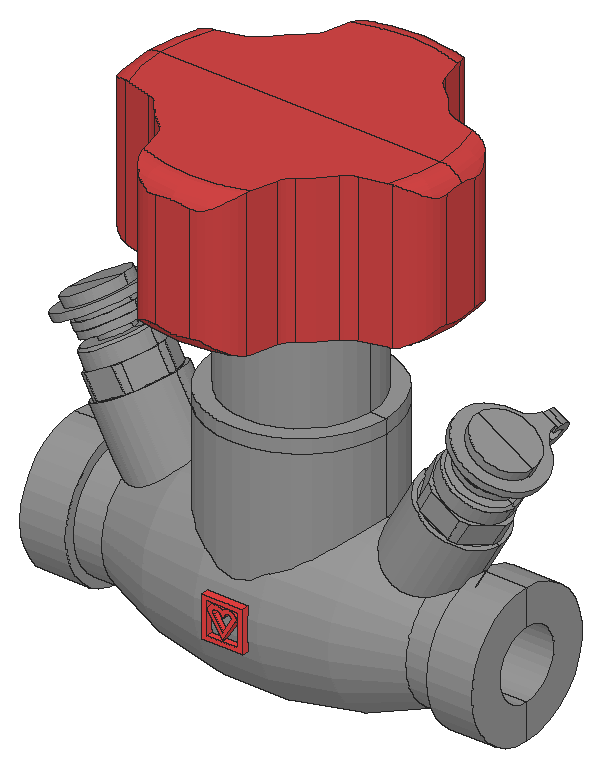
Revit family "HERZ Strömax клапан балансировочный с измерительными клапанами 4217 GM (LF-MF)", category Rohrzubehör, Revit 2020
Family settings
  Bemaßung runder Anschluss = Durchmesser verwenden
  Teiletyp = Unterbricht
  OmniClass-Nummer = 23.65.55.14
  OmniClass-Titel = Valves for Liquid Services
  Arbeitsebenenbasiert = Nein
  Immer vertikal = Ja
  Beim Laden mit Abzugskörper schneiden = Nein
  Gemeinsam genutzt = Nein
Parameters (values of type "LF")
  Среда = "Качество теплоносителя в соответствии с ÖNORM H5195 и VDI 2035.\r\nДопускается использование этилен- и пропиленгликоля в соотношении 25-50% с водой."
  Положение клапана при монтаже = "Неподнимающийся шпиндель, расположенный перпендикулярно оси клапана, обеспечивает доступность и лёгкость в обслуживании в любом монтажном положении."
  Область применения = "Балансировочные клапаны применяются для гидравлической балансировки систем отопления и охлаждения, регулировки магистральных трубопроводов, стояков, теплообменников, регистров отопления и охлаждения."
  Номер заказа [instance] = if(and(LF, Nennweite = 15.00 mm), 1421730, if(and(MF, Nennweite = 15.00 mm), 1421731, 0))  # 1421730
  Макс. рабочее давление = 1600000.0 Pa  # constant formula
  Макс. рабочая температура (с DN40) = 110 °C  # constant formula
  Макс. рабочая температура (до DN32) = 130 °C  # constant formula
  Корпус = "латунь, устойчивая к селективной цинковой коррозии"  # constant formula
  Исполнение = "STRÖMAX-GM Балансировочный клапан с измерительными клапанами, 1/2′′ – 3′′.\r\nИсполнение с прямым невыдвижным шпинделем, муфта х муфта, латунный корпус без покрытия, уплотнение шпинделя двойным кольцевым уплотнением O-Ring, преднастройка посредством ограничения хода внутреннего шпинделя, цифровые показания степени настройки отображаются в окне маховика.\r\nДва измерительных клапана расположены рядом с маховиком."
  Измерение перепада давления = "Клапаны STRÖMAX-GM оснащен двумя измерительными клапанами:\r\nс помощью измерительного прибора можно измерить перепад давления и по нему определить текущий расход в зависимости от степени преднастройки.\r\nHERZ Измерительный компьютер (1 8900 05) позволяет напрямую считывать расход (см. руководство к измерительным приборам)."
  kvs-значения [instance] = if(and(LF, Nennweite = 15.00 mm), 0.93, if(and(MF, Nennweite = 15.00 mm), 3.49, 0))  # 0.93
  W02 = 60.00°  # constant formula
  W01 = 30.00°  # constant formula
  Vorgabe-Ansicht = 0.00 mm
  URL = "www.herz-armaturen.ru"
  SC_NennweiteBerechnet = 0
  SC_Dimension = ""
  SCRNSEQ = "ARM;ARM_TYP=\"STRV\";2"
  SCRNCODE = "05;07;02"  # constant formula
  S02 = 60.00 mm  # constant formula
  S01 [instance] = H00 + H01  # 68.20 mm
  R01 [instance] = 21.00 mm  # constant formula
  Nennweite [instance] = 15.00 mm
  ML02 [instance] = 30.20 mm  # constant formula
  ML01 [instance] = 20.67 mm  # constant formula
  MF [instance] = no
  MD01 = 9.50 mm  # constant formula
  LF [instance] = yes
  L02 [instance] = 10.00 mm  # constant formula
  L01 [instance] = 16.30 mm  # constant formula
  L00 [instance] = 100.00 mm  # constant formula
  IG [instance] = Nennweite / 2  # 7.50 mm
  Hersteller = "HERZ Armaturen Ges.m.b.H."  # constant formula
  H04 [instance] = 2.50 mm  # constant formula
  H03 = 10.00 mm  # constant formula
  H02 [instance] = 3.00 mm  # constant formula
  H01 [instance] = 33.30 mm  # constant formula
  H00 [instance] = 34.90 mm  # constant formula
  Вес [instance] = if(and(LF, Nennweite = 15.00 mm), "0.86 kg", if(and(MF, Nennweite = 15.00 mm), "0.89 kg", "0 kg"))  # "0.86 kg"
  GT [instance] = 15.00 mm  # constant formula
  DN50-DN80 [instance] = H00 + H01  # 68.20 mm
  DN15-DN40 [instance] = H00 + H01  # 68.20 mm
  DN15 [instance] = Nennweite = 15.00 mm  # yes
  D06 [instance] = 15.40 mm  # constant formula
  D05 [instance] = 13.15 mm  # constant formula
  D04 = 9.00 mm  # constant formula
  D03 [instance] = 19.00 mm  # constant formula
  D02 [instance] = 15.25 mm  # constant formula
  D01 [instance] = 13.20 mm  # constant formula
Types (3, lengths in mm): name | Номер заказа | kvs-значения | MF | LF | Вес
  (no name) | 1421730 | 0.93 | no | yes | "0.86 kg"
  LF | 1421730 | 0.93 | no | yes | "0.86 kg"
  MF | 1421731 | 3.49 | yes | no | "0.89 kg"
Reference planes
  plane 1 "Mitte (Vorne/hinten)": y = 0
  plane 2: z = 0
  plane 3 "Mitte (Links/rechts)": x = 0
Forms (mm)
  Revolve 1, solid, material "Messing, weicher Gelbton, geschweißt", detail levels fine
    sketch origin (0, 0, 0) x (1, 0, 0) y (0, 0, 1)
      loop
        line (-50, 15.25) -> (-50, 7.5) -> (-35, 7.5) -> (-35, 0) -> (35, 0) -> (35, 7.5) -> (50, 7.5) -> (50, 15.25) -> (40, 15.25) -> (40, 13.2) -> (33.7, 13.2)
        arc (33.7, 13.2) -> (0, 21) -> (-33.7, 13.2) r 76.701
        line (-33.7, 13.2) -> (-40, 13.2) -> (-40, 15.25) -> (-50, 15.25)
      axis (-50, 0) -> (50, 0)
    angle from 0 to 360
  Revolve 2, solid, material "Messing, weicher Gelbton, geschweißt", detail levels fine
    sketch origin (0, 0, 0) x (1, 0, 0) y (0, 0, 1)
      loop
        line (20.67, 0) -> (35.77, 26.154) -> (27.543, 30.904) -> (12.443, 4.75) -> (20.67, 0)
      axis (20.67, 0) -> (35.77, 26.154)
    angle from 0 to 360
  Revolve 3, solid, material "Messing, weicher Gelbton, geschweißt", detail levels fine
    sketch origin (0, 0, 0) x (1, 0, 0) y (0, 0, 1)
      loop
        line (0, 0) -> (0, 34.9) -> (-19, 34.9) -> (-19, 0) -> (0, 0)
      axis (0, 34.9) -> (0, 0)
    angle from 0 to 360
  Revolve 4, solid, material "Messing, weicher Gelbton, geschweißt", detail levels fine
    sketch origin (0, 0, 0) x (-1, 0, 0) y (0, 0, 1)
      loop
        line (20.67, 0) -> (35.77, 26.154) -> (27.543, 30.904) -> (12.443, 4.75) -> (20.67, 0)
      axis (20.67, 0) -> (35.77, 26.154)
    angle from 0 to 360
  Revolve 5, solid, material "Messing, weicher Gelbton, geschweißt", detail levels fine
    sketch origin (0, 0, 0) x (1, 0, 0) y (0, 0, 1)
      loop
        line (0, 34.9) -> (0, 68.2) -> (-9, 68.2) -> (-9, 58.2) -> (-13.15, 58.2) -> (-13.15, 55.7) -> (-15.4, 55.7) -> (-15.4, 37.9) -> (-19, 37.9) -> (-19, 34.9) -> (0, 34.9)
      axis (0, 68.2) -> (0, 34.9)
    angle from 0 to 360
Lines and regions (mm)
  model lines, detail levels coarse+medium
    curve 1: line (-50, 0, 15.25) -> (-50, 0, -15.25)
    curve 2: line (-50, 0, -15.25) -> (50, 0, 15.25)
    curve 3: line (50, 0, 15.25) -> (50, 0, -15.25)
    curve 4: line (50, 0, -15.25) -> (-50, 0, 15.25)
    curve 5: line (0, 0, 0) -> (39.375, 0, 68.2)
    curve 6: line (13.395, 0, 83.2) -> (65.356, 0, 53.2)
    curve 7: line (-50, 15.25, 0) -> (-50, -15.25, 0)
    curve 8: line (-50, -15.25, 0) -> (50, 15.25, 0)
    curve 9: line (50, 15.25, 0) -> (50, -15.25, 0)
    curve 10: line (50, -15.25, 0) -> (-50, 15.25, 0)
    curve 11: line (0, 0, 0) -> (39.375, 68.2, 0)
    curve 12: line (13.395, 83.2, 0) -> (65.356, 53.2, 0)
Dimensions and locks
  "IG": Revolve 1 sketch curve to plane 2
  "GT": Revolve 1 sketch curve to Revolve 1 sketch curve  (x2)
  "IG": Revolve 1 sketch curve to Revolve 1 sketch curve
  "D01": Revolve 1 sketch curve to Revolve 1 sketch curve  (x2)
  "R01": Revolve 1 sketch curve to Revolve 1 sketch curve
  "L02": Revolve 1 sketch curve to Revolve 1 sketch curve  (x2)
  "L01": Revolve 1 sketch curve to Revolve 1 sketch curve  (x2)
  "D02": Revolve 1 sketch curve to plane 2  (x2)
  equal spacing: Revolve 1 sketch curve, plane 3 "Mitte (Links/rechts)", Revolve 1 sketch curve
  "L00": Revolve 1 sketch curve to Revolve 1 sketch curve
  "R01": nested 1 to plane 1 "Mitte (Vorne/hinten)"
  "ML01": Revolve 2 sketch curve to plane 3 "Mitte (Links/rechts)"
  "H00": Revolve 3 sketch curve to plane 2
  "D03": Revolve 3 sketch curve to Revolve 3 sketch curve
  "ML02": Revolve 2 sketch curve to Revolve 2 sketch curve
  "MD01": Revolve 2 sketch curve to Revolve 2 sketch curve  (x2)
  "ML02": Revolve 4 sketch curve to Revolve 4 sketch curve
  "MD01": Revolve 4 sketch curve to Revolve 4 sketch curve  (x2)
  "ML01": plane 3 "Mitte (Links/rechts)" to Revolve 4 sketch curve
  "H00": Revolve 5 sketch curve to plane 2
  "H01": Revolve 5 sketch curve to Revolve 5 sketch curve
  "D04": Revolve 5 sketch curve to Revolve 5 sketch curve
  "D03": Revolve 5 sketch curve to Revolve 5 sketch curve
  "D05": Revolve 5 sketch curve to Revolve 5 sketch curve
  "D06": Revolve 5 sketch curve to Revolve 5 sketch curve
  "H02": Revolve 5 sketch curve to Revolve 5 sketch curve
  "H03": Revolve 5 sketch curve to Revolve 5 sketch curve
  "H04": Revolve 5 sketch curve to Revolve 5 sketch curve
  "DN15-DN40": nested 2 to plane 2
  "D02": curve 4 to plane 2 to curve 2
  "D02": curve 3 to plane 2 to curve 4
  equal spacing: curve 1, plane 3 "Mitte (Links/rechts)", curve 3
  "L00": curve 1 to curve 3
  equal spacing: Revolve 1, curve 5, Revolve 1
  "S01": curve 5 to plane 2
  equal spacing: curve 6, curve 5, curve 6
  "S02": curve 6 to curve 6
  "D02": curve 8 to plane 1 "Mitte (Vorne/hinten)" to curve 10
  "D02": curve 10 to plane 1 "Mitte (Vorne/hinten)" to curve 9
  equal spacing: curve 7, plane 3 "Mitte (Links/rechts)", curve 9
  "L00": curve 7 to curve 9
  equal spacing: curve 7, curve 11, curve 9
  "S01": plane 1 "Mitte (Vorne/hinten)" to curve 11
  equal spacing: curve 12, curve 11, curve 12
  "S02": curve 12 to curve 12
  "W01": angle Revolve 2 sketch curve to plane 3 "Mitte (Links/rechts)"  (x2)
  "W01": angle plane 3 "Mitte (Links/rechts)" to Revolve 4 sketch curve  (x2)
  "W02": angle plane 2 to curve 5
  "W02": angle plane 1 "Mitte (Vorne/hinten)" to curve 11
  aligned and locked: level to plane 2
Automatic sketch dimensions
  Revolve 1 sketch curve to level = 0.00 mm  (x2)
  Revolve 1 sketch curve to Revolve 1 sketch curve = 1429.986 mm
  Revolve 1 sketch curve to Revolve 1 sketch curve = 1762.604 mm
  Revolve 2 sketch curve to level = 0.00 mm  (x2)
  Revolve 3 sketch curve to level = 0.00 mm
  Revolve 3 sketch curve to plane 3 "Mitte (Links/rechts)" = 0.00 mm  (x2)
  Revolve 3 sketch curve to Revolve 3 sketch curve = 366.045 mm
  Revolve 3 sketch curve to Revolve 3 sketch curve = 2179.415 mm
  Revolve 4 sketch curve to level = 0.00 mm  (x2)
  Revolve 5 sketch curve to plane 3 "Mitte (Links/rechts)" = 0.00 mm  (x2)
  Revolve 5 sketch curve to level = 366.045 mm
  Revolve 5 sketch curve to Revolve 5 sketch curve = 2146.115 mm
Nested families
  nested 1: "Herz-Logo-vorne" at (0, -21, 0) x (0, 1, 0) z (0, 0, 1), type "Herz-Logo-vorne", detail levels fine
  nested 2: "Strangregulierventil-Handrad-Gerade (Rot) DN15-DN40" at (0, 0, 68.2), visible <- "DN15", type "Strangregulierventil-Handrad-Gerade (Rot) DN15-DN40", detail levels fine
    with Nennweite 0.00 mm, Gewicht 0.00 kg, Bestellnummer 0
  nested 3: "Messstutzen_Band_Austritt_30Grad_(oben)" at (27.02, 0, 10.999), visible <- "DN15", type "Messstutzen_Band_Austritt_30Grad_(oben)", detail levels fine
    with Schutzkappe yes, Nennweite 0.00 mm, Gewicht 0.00 kg, Bestellnummer 0
  nested 4: "Messstutzen_Band_Eintritt_30Grad_(oben)" at (-27.02, 0, 10.999) x (-1, 0, 0) z (0, 0, 1), visible <- "DN15", type "Messstutzen_Band_Eintritt_30Grad_(oben)", detail levels fine
    with Schutzkappe yes, Nennweite 0.00 mm, Gewicht 0.00 kg, Bestellnummer 0
Connectors
  piping at (-35, 0, 0), diameter 15, driven by "Nennweite"
    settings: on Revolve 1, index 1, connector inside diameter 609.6 mm, connector length 0.00 mm, flow factor 0, pipe flow 0.0 L/s, pressure drop 0.0 Pa, fitting loss kfactor 0, connector angle 0.00°, fixture units 0, engagement length 0.00 mm, angle of deflection 0.00°, flow configuration 0, flow direction 1, fitting loss method 0, system type 29, joint type 0, gender type 0, connector reference index -1, connector utility 0, adjustable connector no, is connector primary yes, connector description ""
  piping at (35, 0, 0), diameter 15, driven by "Nennweite"
    settings: on Revolve 1, index 2, connector inside diameter 609.6 mm, connector length 0.00 mm, flow factor 0, pipe flow 0.0 L/s, pressure drop 0.0 Pa, fitting loss kfactor 0, connector angle 0.00°, fixture units 0, engagement length 0.00 mm, angle of deflection 0.00°, flow configuration 0, flow direction 2, fitting loss method 0, system type 29, joint type 0, gender type 0, connector reference index -1, connector utility 0, adjustable connector no, is connector primary no, connector description ""
Definition of nested family "Herz-Logo-vorne"
  Parameters (values of type "Herz-Logo-vorne")
    Default Elevation = 0.00 mm
  Reference planes
    plane 1 "Mitte (Vorne/hinten)": y = 0
    plane 2: z = 0
    plane 3 "Mitte (Links/rechts)": x = 0
  Forms (mm)
    Extrusion 1, solid
      sketch origin (0.732, -0.018, 0.017) x (0, -1, 0) y (0, 0, 1)
        loop
          line (-0.018, -4.517) -> (4.482, -4.517) -> (4.482, 4.483) -> (-4.518, 4.483) -> (-4.518, -4.517) -> (-0.018, -4.517)
        loop
          line (-0.05, -3.48) -> (3.482, -3.48) -> (3.482, 3.483) -> (-3.518, 3.483) -> (-3.518, -3.48) -> (-0.05, -3.48)
        loop
          arc (-0.018, 2.383) -> (-1.543, 3.287) -> (-3.067, 2.383) r 1.738
          arc (-3.067, 2.383) -> (-3.191, 1.899) -> (-3.067, 1.415) r 1.009
          line (-3.067, 1.415) -> (-0.018, -3.281) -> (3.032, 1.415)
          arc (3.032, 1.415) -> (3.156, 1.899) -> (3.032, 2.383) r 1.009
          arc (3.032, 2.383) -> (1.507, 3.287) -> (-0.018, 2.383) r 1.738
        loop
          arc (1.885, 1.272) -> (2.005, 1.675) -> (1.885, 2.079) r 0.74
          arc (1.885, 2.079) -> (1.265, 2.416) -> (0.644, 2.079) r 0.74
          line (0.644, 2.079) -> (-0.018, 0.97) -> (-0.679, 2.079)
          arc (-0.679, 2.079) -> (-1.3, 2.416) -> (-1.921, 2.079) r 0.74
          arc (-1.921, 2.079) -> (-2.04, 1.675) -> (-1.921, 1.272) r 0.74
          line (-1.921, 1.272) -> (-0.018, -1.658) -> (1.885, 1.272)
      from 0 to 1.5
  Dimensions and locks
    aligned and locked: level to plane 2
Definition of nested family "Strangregulierventil-Handrad-Gerade (Rot) DN15-DN40"
  Parameters (values of type "Strangregulierventil-Handrad-Gerade (Rot) DN15-DN40")
    Default Elevation = 0.00 mm
    URL = "www.herz-armaturen.at"
    Nennweite [instance] = 0.00 mm
    Manufacturer = "Herz Armaturen GmbH"  # constant formula
    Gewicht [instance] = 0.00 kg
    Bestellnummer [instance] = 0
  Reference planes
    plane 1 "Mitte (Vorne/hinten)": y = 0
    plane 2: z = 0
    plane 3 "Mitte (Links/rechts)": x = 0
  Forms (mm)
    Revolve 1, solid, detail levels fine
      sketch origin (0, 0, 0) x (1, 0, 0) y (0, 0, 1)
        loop
          line (0, 0) -> (0, 24.95) -> (-30.992, 24.95)
          arc (-30.992, 24.95) -> (-34.37, 23.636) -> (-35.973, 20.386) r 5
          line (-35.973, 20.386) -> (-37, 8.65) -> (-35.986, -2.936)
          arc (-35.986, -2.936) -> (-34.383, -6.186) -> (-31.005, -7.5) r 5
          line (-31.005, -7.5) -> (-15, -7.5) -> (-15, 0) -> (0, 0)
        axis (0, 24.95) -> (0, -7.5)
      angle from 0 to 360
    Extrusion 2, void
      sketch origin (0, 0, 20.3) x (1, 0, 0) y (0, 1, 0)
        loop
          line (3.861, 35.5) -> (-3.861, 35.5)
          arc (-3.861, 35.5) -> (-8.731, 33.847) -> (-11.589, 29.571) r 8
          line (-11.589, 29.571) -> (-13.284, 23.245)
          arc (-13.284, 23.245) -> (-13.982, 21.722) -> (-15.144, 20.516) r 5
          arc (-15.144, 20.516) -> (-18.031, 18.031) -> (-20.516, 15.144) r 25.5
          arc (-20.516, 15.144) -> (-21.722, 13.982) -> (-23.245, 13.284) r 5
          line (-23.245, 13.284) -> (-29.571, 11.589)
          arc (-29.571, 11.589) -> (-33.847, 8.731) -> (-35.5, 3.861) r 8
          line (-35.5, 3.861) -> (-35.5, -3.861)
          arc (-35.5, -3.861) -> (-33.847, -8.731) -> (-29.571, -11.589) r 8
          line (-29.571, -11.589) -> (-23.245, -13.284)
          arc (-23.245, -13.284) -> (-21.722, -13.982) -> (-20.516, -15.144) r 5
          arc (-20.516, -15.144) -> (-18.031, -18.031) -> (-15.144, -20.516) r 25.5
          arc (-15.144, -20.516) -> (-13.982, -21.722) -> (-13.284, -23.245) r 5
          line (-13.284, -23.245) -> (-11.589, -29.571)
          arc (-11.589, -29.571) -> (-8.731, -33.847) -> (-3.861, -35.5) r 8
          line (-3.861, -35.5) -> (3.861, -35.5)
          arc (3.861, -35.5) -> (8.731, -33.847) -> (11.589, -29.571) r 8
          line (11.589, -29.571) -> (13.284, -23.245)
          arc (13.284, -23.245) -> (13.982, -21.722) -> (15.144, -20.516) r 5
          arc (15.144, -20.516) -> (18.031, -18.031) -> (20.516, -15.144) r 25.5
          arc (20.516, -15.144) -> (21.722, -13.982) -> (23.245, -13.284) r 5
          line (23.245, -13.284) -> (29.571, -11.589)
          arc (29.571, -11.589) -> (33.847, -8.731) -> (35.5, -3.861) r 8
          line (35.5, -3.861) -> (35.5, 3.861)
          arc (35.5, 3.861) -> (33.847, 8.731) -> (29.571, 11.589) r 8
          line (29.571, 11.589) -> (23.245, 13.284)
          arc (23.245, 13.284) -> (21.722, 13.982) -> (20.516, 15.144) r 5
          arc (20.516, 15.144) -> (18.031, 18.031) -> (15.144, 20.516) r 25.5
          arc (15.144, 20.516) -> (13.982, 21.722) -> (13.284, 23.245) r 5
          line (13.284, 23.245) -> (11.589, 29.571)
          arc (11.589, 29.571) -> (8.731, 33.847) -> (3.861, 35.5) r 8
        loop
          circle (0, 0) r 38
      from -31.266 to 7.923
  Cuts and joins
    Extrusion 2 cuts Revolve 1
  Dimensions and locks
    Revolve 1 sketch curve to Revolve 1 sketch curve = 15.00 mm
    Revolve 1 sketch curve to Revolve 1 sketch curve = 16.15 mm
    Revolve 1 sketch curve to Revolve 1 sketch curve = 16.30 mm
    angle Revolve 1 sketch curve to Revolve 1 sketch curve = 95.00°
    aligned and locked: level to plane 2
Definition of nested family "Messstutzen_Band_Austritt_30Grad_(oben)"
  Parameters (values of type "Messstutzen_Band_Austritt_30Grad_(oben)")
    Default Elevation = 0.00 mm
    URL = "www.herz-armaturen.at"
    Schutzkappe [instance] = yes
    Nennweite [instance] = 0.00 mm
    Manufacturer = "Herz Armaturen GmbH"  # constant formula
    Gewicht [instance] = 0.00 kg
    Bestellnummer [instance] = 0
  Reference planes
    plane 1 "Mitte (Vorne/hinten)": y = 0
    plane 2: z = 0
    plane 3 "Mitte (Links/rechts)": x = 0
  Forms (mm)
    Revolve 1, solid, detail levels fine
      sketch origin (0, 0, 0) x (0.866025, 0, -0.5) y (0.5, 0, 0.866025)
        loop
          line (-7.4, 9) -> (-5.55, 9) -> (-5.55, 6)
          arc (-5.55, 6) -> (-5.626, 5.617) -> (-5.843, 5.293) r 1
          line (-5.843, 5.293) -> (-6.455, 4.681) -> (-6.455, 0.9) -> (-5.555, 0) -> (-2, 0) -> (-2, 17.5) -> (-8.4, 17.5)
          arc (-8.4, 17.5) -> (-7.693, 17.207) -> (-7.4, 16.5) r 1
          line (-7.4, 16.5) -> (-7.4, 9)
        loop
          line (-3.7, 27) -> (-7.3, 27) -> (-7.9, 26.4) -> (-7.9, 23) -> (-2, 23) -> (-2, 35.8) -> (-3.805, 35.8) -> (-4.415, 35.19) -> (-4.415, 30.863) -> (-3.7, 30.45) -> (-3.7, 27)
        axis (0, 0) -> (0, 35.8)
      angle from 0 to 360
    Extrusion 2, solid, detail levels fine
      sketch origin (8.75, 0, 15.155) x (0, 1, 0) y (-0.866025, 0, 0.5)
        loop
          arc (-7.07, 5.156) -> (-7.578, 4.375) -> (-8, 3.544) r 8.75
          line (-8, 3.544) -> (-8, -3.544)
          arc (-8, -3.544) -> (-7.578, -4.375) -> (-7.07, -5.156) r 8.75
          line (-7.07, -5.156) -> (-0.93, -8.7)
          arc (-0.93, -8.7) -> (0, -8.75) -> (0.93, -8.7) r 8.75
          line (0.93, -8.7) -> (7.07, -5.156)
          arc (7.07, -5.156) -> (7.578, -4.375) -> (8, -3.544) r 8.75
          line (8, -3.544) -> (8, 3.544)
          arc (8, 3.544) -> (7.578, 4.375) -> (7.07, 5.156) r 8.75
          line (7.07, 5.156) -> (0.93, 8.7)
          arc (0.93, 8.7) -> (0, 8.75) -> (-0.93, 8.7) r 8.75
          line (-0.93, 8.7) -> (-7.07, 5.156)
      from 0 to 5.5
    Revolve 3, solid, visible <- "Schutzkappe", detail levels fine
      sketch origin (0, 0, 0) x (0.866025, 0, -0.5) y (0.5, 0, 0.866025)
        loop
          line (0, 35.878) -> (0, 36.678) -> (-7, 36.678) -> (-7, 33.378) -> (-6.1, 33.378) -> (-6.1, 31.678) -> (-6.9, 31.678) -> (-6.9, 30.178) -> (-4.415, 30.178) -> (-4.415, 35.268) -> (-3.805, 35.878) -> (0, 35.878)
        axis (0, 30.178) -> (0, 36.678)
      angle from 0 to 360
    Extrusion 4, solid, detail levels fine
      sketch origin (14.25, 0, 24.682) x (0, 1, 0) y (0.866025, 0, -0.5)
        loop
          circle (0, 0) r 3.7
        loop
          arc (5.505, -3.906) -> (7.288, -2.358) -> (9.582, -1.8) r 5
          line (9.582, -1.8) -> (9.582, 1.8)
          arc (9.582, 1.8) -> (7.288, 2.358) -> (5.505, 3.906) r 5
          arc (5.505, 3.906) -> (-6.75, 0) -> (5.505, -3.906) r 6.75
      from 0 to -1.5
    Extrusion 5, solid, detail levels fine
      sketch origin (16.589, 0, 28.733) x (0, 1, 0) y (0.866025, 0, -0.5)
        loop
          circle (0, 0) r 6.1
        loop
          arc (8.652, -4.495) -> (10.493, -2.527) -> (13.089, -1.8) r 5
          line (13.089, -1.8) -> (13.089, 1.8)
          arc (13.089, 1.8) -> (10.493, 2.527) -> (8.652, 4.495) r 5
          arc (8.652, 4.495) -> (-9.75, 0) -> (8.652, -4.495) r 9.75
      from 0 to -1.5
    Sweep 6, solid, detail levels fine
      path origin (1.029, 0.159, 0.98) x (-0.5, 0, -0.866025) y (0, 1, 0)
        loop
          line (-27.75, 9.582) -> (-27.75, 14.522)
          arc (-27.75, 14.522) -> (-30.089, 16.862) -> (-32.428, 14.522) r 2.339
          line (-32.428, 14.522) -> (-32.428, 13.089)
      profile origin (14.904, 12.211, 25.012) x (0.5, 0, 0.866025) y (0.866025, 0, -0.5)
        loop
          line (-0.75, -1.8) -> (0.75, -1.8) -> (0.75, 1.8) -> (-0.75, 1.8) -> (-0.75, -1.8)
  Dimensions and locks
    aligned and locked: level to plane 2
Definition of nested family "Messstutzen_Band_Eintritt_30Grad_(oben)"
  Parameters (values of type "Messstutzen_Band_Eintritt_30Grad_(oben)")
    Default Elevation = 0.00 mm
    URL = "www.herz-armaturen.at"
    Schutzkappe [instance] = yes
    Nennweite [instance] = 0.00 mm
    Manufacturer = "Herz Armaturen GmbH"  # constant formula
    Gewicht [instance] = 0.00 kg
    Bestellnummer [instance] = 0
  Reference planes
    plane 1 "Mitte (Vorne/hinten)": y = 0
    plane 2: z = 0
    plane 3 "Mitte (Links/rechts)": x = 0
  Forms (mm)
    Revolve 1, solid, detail levels fine
      sketch origin (0, 0, 0) x (0.866025, 0, -0.5) y (0.5, 0, 0.866025)
        loop
          line (-7.4, 9) -> (-5.55, 9) -> (-5.55, 6)
          arc (-5.55, 6) -> (-5.626, 5.617) -> (-5.843, 5.293) r 1
          line (-5.843, 5.293) -> (-6.455, 4.681) -> (-6.455, 0.9) -> (-5.555, 0) -> (-2, 0) -> (-2, 17.5) -> (-8.4, 17.5)
          arc (-8.4, 17.5) -> (-7.693, 17.207) -> (-7.4, 16.5) r 1
          line (-7.4, 16.5) -> (-7.4, 9)
        loop
          line (-3.7, 27) -> (-7.3, 27) -> (-7.9, 26.4) -> (-7.9, 23) -> (-2, 23) -> (-2, 35.8) -> (-3.805, 35.8) -> (-4.415, 35.19) -> (-4.415, 30.863) -> (-3.7, 30.45) -> (-3.7, 27)
        axis (0, 0) -> (0, 35.8)
      angle from 0 to 360
    Extrusion 2, solid, detail levels fine
      sketch origin (8.75, 0, 15.155) x (0, 1, 0) y (-0.866025, 0, 0.5)
        loop
          arc (-7.07, 5.156) -> (-7.578, 4.375) -> (-8, 3.544) r 8.75
          line (-8, 3.544) -> (-8, -3.544)
          arc (-8, -3.544) -> (-7.578, -4.375) -> (-7.07, -5.156) r 8.75
          line (-7.07, -5.156) -> (-0.93, -8.7)
          arc (-0.93, -8.7) -> (0, -8.75) -> (0.93, -8.7) r 8.75
          line (0.93, -8.7) -> (7.07, -5.156)
          arc (7.07, -5.156) -> (7.578, -4.375) -> (8, -3.544) r 8.75
          line (8, -3.544) -> (8, 3.544)
          arc (8, 3.544) -> (7.578, 4.375) -> (7.07, 5.156) r 8.75
          line (7.07, 5.156) -> (0.93, 8.7)
          arc (0.93, 8.7) -> (0, 8.75) -> (-0.93, 8.7) r 8.75
          line (-0.93, 8.7) -> (-7.07, 5.156)
      from 0 to 5.5
    Revolve 3, solid, visible <- "Schutzkappe", detail levels fine
      sketch origin (0, 0, 0) x (0.866025, 0, -0.5) y (0.5, 0, 0.866025)
        loop
          line (0, 35.878) -> (0, 36.678) -> (-7, 36.678) -> (-7, 33.378) -> (-6.1, 33.378) -> (-6.1, 31.678) -> (-6.9, 31.678) -> (-6.9, 30.178) -> (-4.415, 30.178) -> (-4.415, 35.268) -> (-3.805, 35.878) -> (0, 35.878)
        axis (0, 30.178) -> (0, 36.678)
      angle from 0 to 360
    Extrusion 4, solid, detail levels fine
      sketch origin (14.25, 0, 24.682) x (0, 1, 0) y (0.866025, 0, -0.5)
        loop
          circle (0, 0) r 3.7
        loop
          arc (5.505, -3.906) -> (7.288, -2.358) -> (9.582, -1.8) r 5
          line (9.582, -1.8) -> (9.582, 1.8)
          arc (9.582, 1.8) -> (7.288, 2.358) -> (5.505, 3.906) r 5
          arc (5.505, 3.906) -> (-6.75, 0) -> (5.505, -3.906) r 6.75
      from 0 to -1.5
    Extrusion 5, solid, detail levels fine
      sketch origin (16.589, 0, 28.733) x (0, 1, 0) y (0.866025, 0, -0.5)
        loop
          circle (0, 0) r 6.1
        loop
          arc (8.652, -4.495) -> (10.493, -2.527) -> (13.089, -1.8) r 5
          line (13.089, -1.8) -> (13.089, 1.8)
          arc (13.089, 1.8) -> (10.493, 2.527) -> (8.652, 4.495) r 5
          arc (8.652, 4.495) -> (-9.75, 0) -> (8.652, -4.495) r 9.75
      from 0 to -1.5
    Sweep 6, solid, detail levels fine
      path origin (0.933, -0.183, 1.116) x (-0.5, 0, -0.866025) y (0, 1, 0)
        loop
          line (-27.75, 9.582) -> (-27.75, 14.522)
          arc (-27.75, 14.522) -> (-30.089, 16.862) -> (-32.428, 14.522) r 2.339
          line (-32.428, 14.522) -> (-32.428, 13.089)
      profile origin (14.808, 11.869, 25.148) x (0.5, 0, 0.866025) y (0.866025, 0, -0.5)
        loop
          line (-0.75, -1.8) -> (0.75, -1.8) -> (0.75, 1.8) -> (-0.75, 1.8) -> (-0.75, -1.8)
  Dimensions and locks
    aligned and locked: level to plane 2
